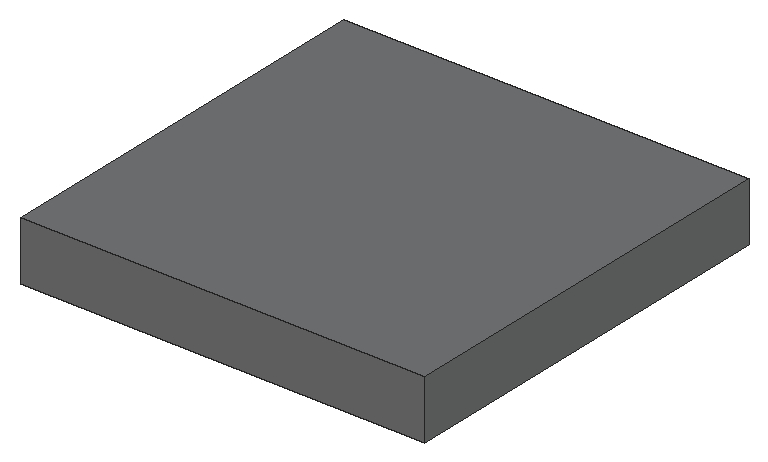
Revit family "Gira_087603", category Electrical Fixtures, host Face, Revit 2017
Family settings
  Host = Face
  Maintain Annotation Orientation = No
  Round Connector Dimension = Use Diameter
  Part Type = Normal
  Cut with Voids When Loaded = No
  Shared = No
  Room Calculation Point = No
Parameters (values of type "Abd. BSF TAE USB System 55 Reinweiß")
  Zusammenstellung = "Zentralplatte"
  Werkstoffgüte = "sonstige"
  Werkstoff = "Kunststoff"
  Verwendung = "TAE"
  URL = "http://katalog.gira.de/de_DE/datenblatt.html?artikelnr=087603"
  Transparent = "No"
  Tragring = "No"
  Region = "DE"
  RAL-Nummer (ähnlich) = "9010 "
  Oberfläche = "sonstige"
  Name = "Abd. BSF TAE USB System 55 Reinweiß"
  Montageart = "unter Putz"
  Mit Zugentlastung = "No"
  Mit Staubschutz = "No"
  Mit Klappdeckel = "No"
  Mit Aufdruck = "No"
  Manufacturer URL = "https://www.gira.de/"
  Lüsterklemme = "No"
  Keynote = "Sys55_Abdeckung_Schalten und Tasten"
  HeinzeBIM = "https://bimportal.heinze.de/bim/abd-bsf-tae-usb-system-55-reinweiss/a2a8da6b71709acd284bcee93f1a5f59abd2739c"
  Halogenfrei = "Yes"
  HAN = "087603"
  Geeignet für Schutzart (IP) = "IP20"
  GTIN = "4010337876038"
  Farbe = "weiß"
  Default Elevation = 1219.2 mm
  Data sheet (1) = "https://katalog.gira.de/de_DE/download.html?artikelnr=087603"
  Category = "Einsatz/Abdeckung für Kommunikationstechnik"
  Beschriftungsfeld = "mit Beschriftungsfeld"
  Befestigungsart = "Befestigung mit Schraube"
  Available = "Yes"
  Ausführung der Oberfläche = "glänzend"
  Anthrazit [instance] = Anthrazit
Reference planes
  plane 1 "Center (Front/Back)": y = 0
  plane 2: z = 0
  plane 3 "Center (Left/Right)": x = 0
Forms (mm)
  Extrusion 1, solid, material "Anthrazit" <- "Anthrazit", detail levels fine
    sketch origin (0, 0, 0) x (1, 0, 0) y (0, 1, 0)
      loop
        line (-27.5, 27.5) -> (-27.5, -27.5) -> (27.5, -27.5) -> (27.5, 27.5) -> (-27.5, 27.5)
    from 0 to 8
  Extrusion 2, void
    sketch origin (0, 0, 0) x (1, 0, 0) y (0, 1, 0)
      loop
        line (26, 26) -> (-26, 26) -> (-26, -26) -> (26, -26) -> (26, 26)
    from 0 to 6
  Extrusion 3, solid, material "Anthrazit" <- "Anthrazit", detail levels medium
    sketch origin (0, 0, 0) x (1, 0, 0) y (0, 1, 0)
      loop
        line (-27.5, 27.5) -> (-27.5, -27.5) -> (27.5, -27.5) -> (27.5, 27.5) -> (-27.5, 27.5)
    from 0 to 8
  Extrusion 4, solid, material "Anthrazit" <- "Anthrazit", detail levels medium
    sketch origin (0, 0, 0) x (1, 0, 0) y (0, 1, 0)
      loop
        line (11, -17.5) -> (11, 17.5) -> (-11, 17.5) -> (-11, -17.5) -> (11, -17.5)
    from -6 to 6
  Extrusion 5, solid, material "Anthrazit" <- "Anthrazit", detail levels fine
    sketch origin (0, 0, 0) x (1, 0, 0) y (0, 1, 0)
      loop
        line (11, 17.5) -> (-11, 17.5) -> (-11, 16.5) -> (11, 16.5) -> (11, 17.5)
      loop
        line (-11, -16.5) -> (-11, -17.5) -> (11, -17.5) -> (11, -16.5) -> (-11, -16.5)
    from -4 to 6
  Extrusion 6, solid, material "Anthrazit" <- "Anthrazit", detail levels fine
    sketch origin (0, 0, 0) x (1, 0, 0) y (0, 1, 0)
      loop
        arc (5, 9.347) -> (0, 10.6) -> (-5, 9.347) r 10.6
        line (-5, 9.347) -> (-5, -9.347)
        arc (-5, -9.347) -> (0, -10.6) -> (5, -9.347) r 10.6
        line (5, -9.347) -> (5, 9.347)
    from -6 to 6
  Extrusion 7, solid, material "Anthrazit" <- "Anthrazit", detail levels coarse
    sketch origin (0, 0, 0) x (1, 0, 0) y (0, 1, 0)
      loop
        line (-27.5, 27.5) -> (-27.5, -27.5) -> (27.5, -27.5) -> (27.5, 27.5) -> (-27.5, 27.5)
    from -6 to 8
Cuts and joins
  Extrusion 2 cuts Extrusion 1
Dimensions and locks
  aligned and locked: plane 2 to host face
  aligned and locked: level to host face
